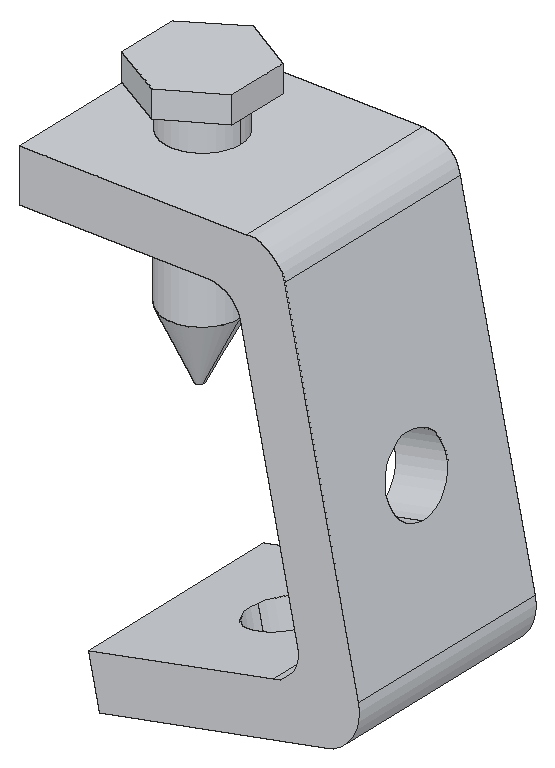
Revit family "MP39", category Generic Models, Revit 2017
Family settings
  Can host rebar = No
  Round Connector Dimension = Use Diameter
  Part Type = Normal
  Work Plane-Based = Yes
  Always vertical = No
  Cut with Voids When Loaded = No
  Shared = No
  Room Calculation Point = No
Parameters (values of type "NBS Standard Parameters")
  Weight = "0.4748Kg"
  WarrantyStartDate [instance] = "1900-12-31T23:59:59"
  WarrantyGuarantorParts = "n/a"
  WarrantyGuarantorLabor = "n/a"
  WarrantyDurationUnit = "1 year"
  WarrantyDurationParts = "n/a"
  WarrantyDurationLabor = "n/a"
  WarrantyDescription = "n/a"
  Version = "1"
  Uniclass2 = "Pr_65_70_11_19"
  TagNumber [instance] = "n/a"
  SustainabilityPerformance = "n/a"
  Size = "n/a"
  Shape = "n/a"
  SerialNumber [instance] = "n/a"
  Revision = "n/a"
  ReplacementCost = "n/a"
  ProductInformation = "www.metpro.co.uk/pdf/mp39.pdf"
  NominalWidth = 40 mm
  NominalLength = 60 mm
  NominalHeight = 40 mm
  Name = ""
  NBSTypeID = ""
  NBSReference = "90-55-10/305"
  NBSOfficeMasterTag = ""
  NBSNote = ""
  NBSDescription = "Channel Cable Supports"
  NBSCertification = ""
  ModelReference = "MP39"
  ModelNumber = "n/a"
  Material = "Steel"
  ManufacturerURL = "www.metpro.co.uk"
  ManufacturerName = "Metpro Ltd"
  Keynote = "Compliant to LU Standard 1-085"
  InstallationDate [instance] = "1900-12-31T23:59:59"
  IfcExportType = ""
  IfcExportAs = ""
  Grade = "n/a"
  Finish = "Hot Dipped Galvanised"
  Features = "n/a"
  ExpectedLife = "n/a"
  DurationUnit = "year"
  Description = "MP39  Large C Clamp C/W Cone Point"
  Default Elevation = 1219.2 mm
  Constituents = "n/a"
  Color = "n/a"
  CodePerformance = "n/a"
  Category = "n/a"
  BarCode [instance] = "n/a"
  BIMObjectName = "metpro_metprolibrary_channelcablesupports_channelbracket"
  Author = "Metpro Ltd"
  AssetType = ""
  AssetIdentifier [instance] = "n/a"
  AccessibilityPerformance = "n/a"
Reference planes
  plane 1 "Center (Front/Back)": y = 0
  plane 2: z = 0
  plane 3 "Center (Left/Right)": x = 0
Forms (mm)
  Extrusion 1, solid
    sketch origin (8, 41.308, 57.753) x (1, 0, 0) y (0, 0, 1)
      loop
        line (0, 7.549) -> (0, -2.151) -> (34.319, -2.151)
        arc (34.319, -2.151) -> (38.095, -3.488) -> (40.188, -6.903) r 6
        line (40.188, -6.903) -> (50.888, -57.242)
        arc (50.888, -57.242) -> (49.634, -61.171) -> (46.14, -63.363) r 6
        line (46.14, -63.363) -> (12.508, -70.512) -> (14.524, -80) -> (55.607, -71.268)
        arc (55.607, -71.268) -> (60.653, -67.8) -> (61.769, -61.779) r 8
        line (61.769, -61.779) -> (48.211, 2.005)
        arc (48.211, 2.005) -> (45.769, 5.989) -> (41.364, 7.549) r 7
        line (41.364, 7.549) -> (0, 7.549)
    from 0 to 40
  Extrusion 2, solid
    sketch origin (10.202, 41.308, 65.302) x (1, 0, 0) y (0, 1, 0)
      loop
        circle (15, -20) r 7
    from -28.488 to 6.629
  Extrusion 3, solid
    sketch origin (10.202, 41.308, 71.931) x (1, 0, 0) y (0, 1, 0)
      loop
        line (15.005, -31.547) -> (25.005, -25.774) -> (25.005, -14.226) -> (15.005, -8.453) -> (5.005, -14.226) -> (5.005, -25.774) -> (15.005, -31.547)
    from 0 to 5
  Blend 4, solid
    base sketch origin (10.202, 41.308, 36.814) x (0, 1, 0) y (-1, 0, 0)
      loop
        circle (-20, -15) r 7
    top sketch origin (10.202, 41.308, 36.814) x (0, 1, 0) y (-1, 0, 0)
      loop
        circle (-20, -14.524) r 0.788
    from 0 to -12.929
  Extrusion 5, void
    sketch origin (69.415, 41.308, -2.364) x (0.978148, 0, 0.207912) y (0, -1, 0)
      loop
        circle (-29.474, 19.618) r 7
    from 0 to 27.589
  Extrusion 6, void
    sketch origin (45.544, 41.308, 63.285) x (-0.207912, 0, 0.978148) y (0, -1, 0)
      loop
        circle (-43.877, 20) r 7
    from 0 to 9.7
Cuts and joins
  Extrusion 5, Extrusion 6 cuts Extrusion 1
Dimensions and locks
  aligned and locked: level to plane 2
